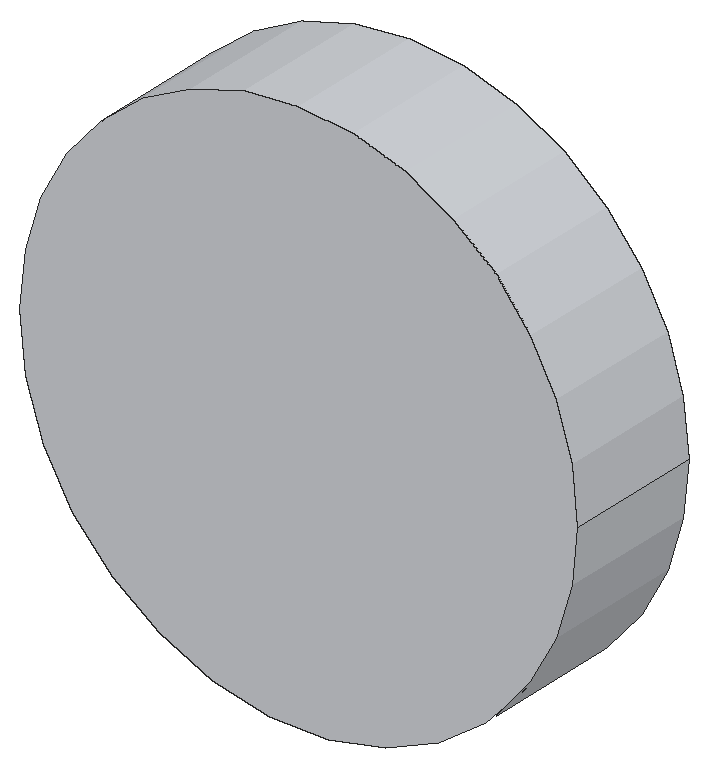
Revit family "Building-ContenitoriIncasso-GEWISS-24SC-SCATOLE-INCASSO_TONDA", category Apparecchi elettrici, host Muro, Revit 2016
Family settings
  Host = Muro
  Mantenere orientamento annotazione = Sì
  Tipo di parte = Normale
  Quota connettore circolare = Usa diametro
  Numero OmniClass = 23.80.30.14.24
  Titolo OmniClass = Junction Boxes
  Sempre verticale = Sì
  Taglio con vuoti quando caricato = Sì
  Condiviso = Sì
  Punto di calcolo locali = Sì
Parameters (values of type "GW24210 - Scatola rotonda cilindrica D. 85mm")
  Versione file RFA = "19.0"
  URL = "https://www.gewiss.com/it/it"
  Termopressione con biglia = "70 °C"
  Temperatura di impiego = "-15 +60 °C"
  Scheda Tecnica = "https://www.gewiss.com/it/it/search?q=GW24210"
  SEO = "Scatola"
  Profondità interna = Profondità - 5 mm  # 37 mm
  Profondità = 42 mm
  Produttore = "GEWISS S.p.A."
  Per Pareti = "Muratura"
  Modello = "GW24210"
  Installazione = "Incasso"
  Immagine tipo = GW24210.jpg
  IFC.TypeObject = ""
  IFC.ExportType = ""
  IFC.ExportAs = ""
  IDT = "e9e05727-a289-4381-9e61-a78239658332"
  IDF = "002cb684-893c-4c20-b679-15194001214f"
  Glow Wire Test = "650°C"
  Dimensioni (mm) = "Ø 85x42"
  Diametro interno = Diametro - 5 mm  # 80 mm
  Diametro = 85 mm
  Descrizione: = "Cilindrica"
  Descrizione = "SCATOLA ROTONDA CILINDRICA D.85"
  Creato da GEWISS S.p.A. = ""
  Codice Electrocod = "0210"
  Codice EAN = "8011564016736"
  Catalogo Serie = "24SC"
  Catalogo = "BUILDING"
  Caratteristiche = "Halogen free"
  COBie.Tagnumber = ""
  COBie.CreatedOn = ""
  COBie.CreatebBy = ""
  COBie.ComponentRegisterItemID = ""
  COBie.Component.TagNumber = ""
  COBie.Component.Space = ""
  COBie.Component.SerialNumber = ""
  COBie.Component.InstallationDate = ""
  COBie.Component.Description = ""
  COBie.Component.BarCode = ""
Types (2, lengths in mm): name | Scheda Tecnica | Profondità interna | Profondità | Modello | Immagine tipo | IDT | Dimensioni (mm) | Diametro interno | Diametro | Descrizione | Codice EAN
  GW24209 - Scatola rotonda cilindrica D. 65mm | "https://www.gewiss.com/it/it/search?q=GW24209" | 33 | 38 | "GW24209" | GW24209.jpg | "47fc177b-a4be-4b77-b5e7-05035733f0df" | "Ø 65x38" | 60 | 65 | "SCATOLA ROTONDA CILINDRICA D.65" | "8011564016712"
  GW24210 - Scatola rotonda cilindrica D. 85mm | "https://www.gewiss.com/it/it/search?q=GW24210" | 37 | 42 | "GW24210" | GW24210.jpg | "e9e05727-a289-4381-9e61-a78239658332" | "Ø 85x42" | 80 | 85 | "SCATOLA ROTONDA CILINDRICA D.85" | "8011564016736"
Reference planes
  plane 1 "Muro": y = 0
  plane 2 "Centro (Sinistra/Destra)": x = 125
  plane 3 "Indietro": y = 75
  plane 4: y = 33
  plane 5: y = 38
Forms (mm)
  Extrusion 1, solid
    sketch origin (0, 0, 0) x (1, 0, 0) y (0, 0, 1)
      loop
        circle (125, 500) r 85
    from -75 to -33
  Extrusion 2, void
    sketch origin (0, 0, -2.615) x (1, 0, 0) y (0, 0, 1)
      loop
        circle (125, 502.615) r 80
    from -75 to -38
  Extrusion 3, void
    sketch origin (0, 0, 0) x (1, 0, 0) y (0, 0, 1)
      loop
        circle (125, 500) r 85
    from -75 to -33
Cuts and joins
  Extrusion 2 cuts Extrusion 1
Text (mm)
  text "Lato posizionamento" at (-1848.837, 1116.779, 0), in view "Livello rif."
  text "Lato posizionamento" at (0, 1409.804, 2854.306), in view "Sinistra"
  text "Lato posizionamento" at (0, 499.811, 2980.732), in view "Destra"
Dimensions and locks
  locked: plane 3 "Indietro" to host wall
  "Profondità": plane 3 "Indietro" to plane 4
  "Profondità interna": plane 3 "Indietro" to plane 5
  "Diametro": radius of Extrusion 1 sketch curve
  "Diametro interno": radius of Extrusion 2 sketch curve
  "Diametro": radius of Extrusion 3 sketch curve
  aligned and locked: plane 1 "Muro" to host wall
  aligned and locked: Extrusion 1 to plane 3 "Indietro"
  aligned and locked: Extrusion 2 to plane 3 "Indietro"
  aligned and locked: Extrusion 1 to plane 4
  aligned and locked: Extrusion 2 to plane 5
  aligned and locked: Extrusion 3 to plane 4
  aligned and locked: Extrusion 3 to plane 3 "Indietro"
Automatic sketch dimensions
  Extrusion 1 sketch curve to plane 2 "Centro (Sinistra/Destra)" = 0 mm
  level to Extrusion 1 sketch curve = 500 mm
  Extrusion 2 sketch curve to plane 2 "Centro (Sinistra/Destra)" = 0 mm
  level to Extrusion 2 sketch curve = 500 mm
  Extrusion 3 sketch curve to plane 2 "Centro (Sinistra/Destra)" = 0 mm
  level to Extrusion 3 sketch curve = 500 mm
